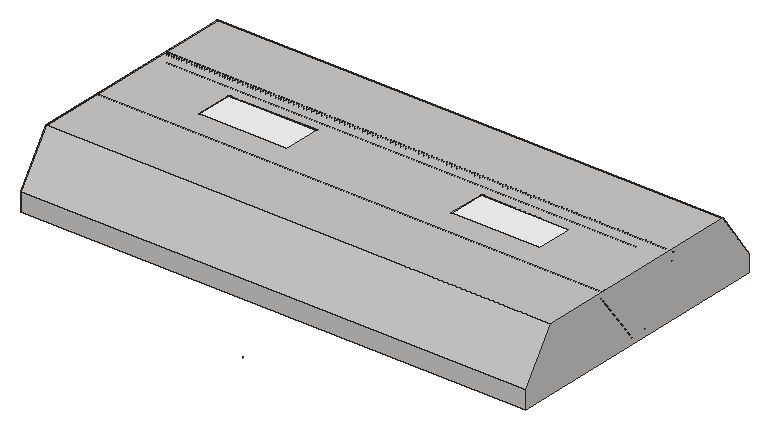
Revit family "QF_ELECTROLUXPROFESSIONAL_642374_BC2240DT", category Attrezzature speciali, Revit 2021
Family settings
  Quota connettore circolare = Usa diametro
  Tipo di parte = Normale
  Basato su piano di lavoro = No
  Sempre verticale = Sì
  Taglio con vuoti quando caricato = No
  Condiviso = No
  Punto di calcolo locali = No
Parameters (values of type "Standard")
  Weight = 120.00 kg
  Watts = 0 W
  Volts = 0 V
  URL Manufacturer = "https://www.electroluxprofessional.com/"
  URL = "https://www.electroluxprofessional.com/"
  Steam Supply Size = 0 mm
  Steam Supply Minimum Pressure = 0.0 Pa
  Steam Supply Maximum Pressure = 0.0 Pa
  Steam Consumption per Hour = 0
  Refrigeration Suction Line Size = 0 mm
  Refrigeration Liquid Line Size = 0 mm
  Refrigerant Compressor Remote = yes
  Prospetto di default = 0 mm
  Produttore = "Electrolux Professional"
  Phase = 0
  Modello = "BC2240DT"
  Length Actual = 4000 mm  # constant formula
  Item Number = "642374"
  Hot Water Size = 0 mm
  Height Actual = 500 mm  # constant formula
  HP = "0 HP"
  Gas Size = 0 mm
  Gas KW = 0
  Gas Input Pressure = 0 W
  Direct Waste Size = 0 mm
  Descrizione = "304 S/S ISLAND HOOD+FILTERS 4000X2200MM"
  Depth Actual = 2200 mm  # constant formula
  Cycle = 0 Hz
  Condensate Return Size = 0 mm
  Compressed Air Volume = 0.0 L/s
  Compressed Air Size = 0 mm
  Compressed Air Pressure = 0.0 Pa
  Cold Water Size = 0 mm
  Accessory = yes
Reference planes
  plane 1: z = 0
  plane 2 "Center (Left/Right)": x = 150
  plane 3 "LEFT": x = -1850
  plane 4 "RIGHT": x = 2150
  plane 5 "BACK": y = 550
  plane 6 "TOP": z = 2500
  plane 7 "Base": z = 2000
  plane 8: z = 1946
  plane 9: x = -1847
  plane 10 "DrainX": x = 1999
  plane 11 "AOLeft2": x = -500
  plane 12 "AORight1": x = 800
  plane 13: x = 2147
  plane 14: x = -1650
  plane 15: x = 1950
  plane 16: x = 50
  plane 17: x = 250
  plane 18 "AOLeft1": x = -1200
  plane 19 "AORight2": x = 1500
  plane 20: y = -400
  plane 21: y = -700
  plane 22 "Center (Front/Back)": y = -550
  plane 23: y = -1650
  plane 24: through (0, -601.379, 2046.209) normal (0, 0.8019, 0.5974)
  plane 25: through (0, -498.621, 2046.209) normal (0, 0.8019, -0.5974)
  plane 26: z = 2140
Forms (mm)
  Extrusion 1, solid, material "QF_Finishes_Stainless Steel"
    sketch origin (-1850, 0, 360) x (0, 1, 0) y (0, 0, 1)
      loop
        line (550, 1640) -> (550, 1780) -> (299.446, 2140) -> (-1399.446, 2140) -> (-1650, 1780) -> (-1650, 1640) -> (550, 1640)
    from 0 to 3
  Extrusion 2, solid, material "QF_Finishes_Stainless Steel"
    sketch origin (2150, 0, 360) x (0, 1, 0) y (0, 0, 1)
      loop
        line (550, 1640) -> (550, 1780) -> (299.446, 2140) -> (-1399.446, 2140) -> (-1650, 1780) -> (-1650, 1640) -> (550, 1640)
    from 0 to -3
  Extrusion 3, solid, material "QF_Finishes_Stainless Steel"
    sketch origin (150, 0, 360) x (0, 1, 0) y (0, 0, 1)
      loop
        line (-1399.446, 2140) -> (-1650, 1780) -> (-1650, 1640) -> (-1640, 1640) -> (-1640, 1640.8) -> (-1649.2, 1640.8) -> (-1649.2, 1779.739) -> (-1399.025, 2139.19) -> (299.025, 2139.19) -> (549.2, 1779.739) -> (549.2, 1640.8) -> (540, 1640.8) -> (540, 1640) -> (550, 1640) -> (550, 1780) -> (299.446, 2140) -> (-1399.446, 2140)
    from -2000 to 2000
  Extrusion 4, void
    sketch origin (0, 0, 2500) x (0, 1, 0) y (-1, 0, 0)
      loop
        line (-400, 500) -> (-400, 1200) -> (-700, 1200) -> (-700, 500) -> (-400, 500)
    from 0 to -10
  Extrusion 5, solid, material "QF_Finishes_Stainless Steel"
    sketch origin (0, 0, 0) x (1, 0, 0) y (0, 1, 0)
      loop
        line (-1850, 550) -> (-1850, 549) -> (-1849, 549) -> (-1849, 550) -> (-1850, 550)
    from 0 to 1
  Extrusion 6, solid, material "QF_Finishes_Stainless Steel"
    sketch origin (150, -400, 360) x (0, 1, 0) y (0, 0, 1)
      loop
        line (-498.883, 2085.553) -> (-201.379, 1686.209) -> (-185.34, 1698.157) -> (-482.844, 2097.501) -> (-498.883, 2085.553)
      loop
        line (198.883, 2085.553) -> (182.844, 2097.501) -> (-114.66, 1698.157) -> (-98.621, 1686.209) -> (198.883, 2085.553)
    from -1800 to -1997
  Extrusion 7, solid, material "QF_Finishes_Stainless Steel"
    sketch origin (150, -400, 360) x (0, 1, 0) y (0, 0, 1)
      loop
        arc (-83.944, 1704.554) -> (-84.545, 1704.706) -> (-85.077, 1704.389) r 0.81
        line (-85.077, 1704.389) -> (-99.535, 1684.991) -> (-116.611, 1687.002) -> (-113.609, 1712.615) -> (-114.407, 1712.708) -> (-117.406, 1687.095)
        arc (-117.406, 1687.095) -> (-117.237, 1686.499) -> (-116.695, 1686.197) r 0.81
        line (-116.695, 1686.197) -> (-99.628, 1684.196)
        arc (-99.628, 1684.196) -> (-99.213, 1684.257) -> (-98.884, 1684.517) r 0.81
        line (-98.884, 1684.517) -> (-84.436, 1703.911) -> (-73.692, 1695.919) -> (-99.855, 1660.79) -> (-200.145, 1660.79) -> (-226.308, 1695.919) -> (-215.564, 1703.911) -> (-201.116, 1684.517)
        arc (-201.116, 1684.517) -> (-200.787, 1684.257) -> (-200.372, 1684.196) r 0.81
        line (-200.372, 1684.196) -> (-183.305, 1686.197)
        arc (-183.305, 1686.197) -> (-182.763, 1686.499) -> (-182.594, 1687.095) r 0.81
        line (-182.594, 1687.095) -> (-185.593, 1712.708) -> (-186.391, 1712.615) -> (-183.389, 1687.002) -> (-200.465, 1684.991) -> (-214.923, 1704.389)
        arc (-214.923, 1704.389) -> (-215.455, 1704.706) -> (-216.056, 1704.554) r 0.81
        line (-216.056, 1704.554) -> (-226.786, 1696.561)
        arc (-226.786, 1696.561) -> (-227.103, 1696.028) -> (-226.951, 1695.427) r 0.81
        line (-226.951, 1695.427) -> (-200.843, 1660.381)
        arc (-200.843, 1660.381) -> (-200.5, 1660.093) -> (-200.063, 1659.99) r 0.972
        line (-200.063, 1659.99) -> (-99.951, 1659.99)
        arc (-99.951, 1659.99) -> (-99.502, 1660.096) -> (-99.149, 1660.393) r 1
        line (-99.149, 1660.393) -> (-73.049, 1695.427)
        arc (-73.049, 1695.427) -> (-72.897, 1696.028) -> (-73.214, 1696.561) r 0.81
        line (-73.214, 1696.561) -> (-83.944, 1704.554)
      loop
        line (-492.735, 2139.19) -> (-492.735, 2129.205) -> (-517.587, 2110.686)
        arc (-517.587, 2110.686) -> (-517.904, 2110.153) -> (-517.752, 2109.552) r 0.81
        line (-517.752, 2109.552) -> (-484.894, 2065.446) -> (-495.625, 2057.438) -> (-495.147, 2056.796) -> (-484.418, 2064.79)
        arc (-484.418, 2064.79) -> (-484.1, 2065.322) -> (-484.252, 2065.923) r 0.81
        line (-484.252, 2065.923) -> (-517.117, 2110.038) -> (-491.935, 2128.798) -> (-491.935, 2138.4) -> (-462.776, 2138.4) -> (-462.776, 2070.563) -> (-461.976, 2069.49) -> (-461.976, 2139.19) -> (-492.735, 2139.19)
      loop
        line (192.735, 2139.19) -> (161.976, 2139.19) -> (161.976, 2069.49) -> (162.776, 2070.563) -> (162.776, 2138.4) -> (191.935, 2138.4) -> (191.935, 2128.798) -> (217.117, 2110.038) -> (184.252, 2065.923)
        arc (184.252, 2065.923) -> (184.1, 2065.322) -> (184.418, 2064.79) r 0.81
        line (184.418, 2064.79) -> (195.147, 2056.796) -> (195.625, 2057.438) -> (184.894, 2065.446) -> (217.752, 2109.552)
        arc (217.752, 2109.552) -> (217.904, 2110.153) -> (217.587, 2110.686) r 0.81
        line (217.587, 2110.686) -> (192.735, 2129.205) -> (192.735, 2139.19)
    from -1997 to 1997
  Extrusion 8, solid, material "QF_Finishes_Stainless Steel"
    sketch origin (150, -400, 360) x (0, 1, 0) y (0, 0, 1)
      loop
        line (-498.883, 2085.553) -> (-201.379, 1686.209) -> (-185.34, 1698.157) -> (-482.844, 2097.501) -> (-498.883, 2085.553)
      loop
        line (198.883, 2085.553) -> (182.844, 2097.501) -> (-114.66, 1698.157) -> (-98.621, 1686.209) -> (198.883, 2085.553)
    from 1997 to 1800
  Extrusion 9, solid, material "QF_Finishes_Stainless Steel"
    sketch origin (150, -400, 360) x (0, 1, 0) y (0, 0, 1)
      loop
        line (-498.883, 2085.553) -> (-201.379, 1686.209) -> (-185.34, 1698.157) -> (-482.844, 2097.501) -> (-498.883, 2085.553)
      loop
        line (198.883, 2085.553) -> (182.844, 2097.501) -> (-114.66, 1698.157) -> (-98.621, 1686.209) -> (198.883, 2085.553)
    from -100 to 100
  Extrusion 10, solid, material "QF_Finished_Chrome"
    sketch origin (150, -400, 360) x (0, 1, 0) y (0, 0, 1)
      loop
        line (-498.883, 2085.553) -> (-201.379, 1686.209) -> (-185.34, 1698.157) -> (-482.844, 2097.501) -> (-498.883, 2085.553)
      loop
        line (198.883, 2085.553) -> (182.844, 2097.501) -> (-114.66, 1698.157) -> (-98.621, 1686.209) -> (198.883, 2085.553)
    from -1800 to -100
  Extrusion 11, solid, material "QF_Finished_Chrome"
    sketch origin (150, -400, 360) x (0, 1, 0) y (0, 0, 1)
      loop
        line (-498.883, 2085.553) -> (-201.379, 1686.209) -> (-185.34, 1698.157) -> (-482.844, 2097.501) -> (-498.883, 2085.553)
      loop
        line (198.883, 2085.553) -> (182.844, 2097.501) -> (-114.66, 1698.157) -> (-98.621, 1686.209) -> (198.883, 2085.553)
    from 100 to 1800
  Sweep 12, solid, material "QF_Finishes_Stainless Steel"
    path origin (0, 0, 0) x (1, 0, 0) y (0, 1, 0)
      loop
        line (2150, 550) -> (-1850, 550) -> (-1850, -1650) -> (2150, -1650) -> (2150, 550)
    profile origin (2150, -550, 0) x (1, 0, 0) y (0, 0, 1)
      loop
        line (-3, 2000) -> (-3, 2000.8) -> (-19, 2000.8) -> (-19, 2010) -> (-20, 2010) -> (-20, 2000) -> (-3, 2000)
  Extrusion 13, void
    sketch origin (0, 0, 2500) x (0, 1, 0) y (-1, 0, 0)
      loop
        line (-400, -1500) -> (-400, -800) -> (-700, -800) -> (-700, -1500) -> (-400, -1500)
    from 0 to -10
  Extrusion 14, solid, material "QF_Finishes_Stainless Steel"
    sketch origin (1999, 0, 0) x (0, 1, 0) y (0, 0, 1)
      loop
        arc (-518.5, 1946) -> (-511.429, 1948.929) -> (-508.5, 1956) r 10
        line (-508.5, 1956) -> (-508.5, 2000.8) -> (-591.5, 2000.8) -> (-591.5, 1956)
        arc (-591.5, 1956) -> (-588.571, 1948.929) -> (-581.5, 1946) r 10
        line (-581.5, 1946) -> (-518.5, 1946)
    from -90 to 90
  Extrusion 15, solid, material "QF_Finishes_Stainless Steel"
    sketch origin (0, -1100, 2000) x (0, 1, 0) y (-1, 0, 0)
      loop
        circle (550, -1999) r 6.35
    from -3.799 to 0
Cuts and joins
  Extrusion 4, Extrusion 13 cuts Extrusion 3
  joined: Extrusion 2, Extrusion 3, Sweep 12
Lines and regions (mm)
  symbolic lines, style "SpecialityEquipment", detail levels coarse
    curve 1: line (2150, 550, 2500) -> (-1850, 550, 2500)
    curve 2: line (-1850, 550, 2500) -> (-1850, -1650, 2500)
    curve 3: line (2150, -1650, 2500) -> (2150, 550, 2500)
    curve 4: line (-1850, 299.446, 0) -> (2150, -1399.446, 0)
    curve 5: line (2150, 299.446, 0) -> (-1850.605, -1399.446, 0)
  symbolic lines, detail levels coarse
    curve 6: line (-1200, -700, 0) -> (-500, -700, 0)
    curve 7: line (-1200, -400, 0) -> (-1200, -700, 0)
    curve 8: line (-500, -400, 0) -> (-1200, -400, 0)
    curve 9: line (-500, -700, 0) -> (-500, -400, 0)
    curve 10: line (800, -400, 0) -> (800, -700, 0)
    curve 11: line (1500, -400, 0) -> (800, -400, 0)
    curve 12: line (1500, -700, 0) -> (1500, -400, 0)
    curve 13: line (800, -700, 0) -> (1500, -700, 0)
    curve 14: line (-1850.605, -1399.446, 0) -> (2150, -1399.446, 0)
    curve 15: line (2150, 299.446, 0) -> (-1850, 299.446, 0)
    curve 16: line (-1850, -1650, 0) -> (2150, -1650, 0)
Dimensions and locks
  plane 3 "LEFT" to plane 4 "RIGHT" = 4000 mm
  equal spacing: plane 3 "LEFT", plane 2 "Center (Left/Right)", plane 4 "RIGHT"
  plane 3 "LEFT" to plane 9 = 3 mm
  plane 10 "DrainX" to plane 4 "RIGHT" = 151 mm
  plane 13 to plane 4 "RIGHT" = 3 mm
  plane 3 "LEFT" to plane 14 = 200 mm
  plane 15 to plane 4 "RIGHT" = 200 mm
  locked: plane 11 "AOLeft2" to plane 12 "AORight1" at 1300
  equal spacing: plane 11 "AOLeft2", plane 2 "Center (Left/Right)", plane 12 "AORight1"
  locked: plane 7 "Base" to level at 2000
  locked: plane 16 to plane 17 at 200
  equal spacing: plane 16, plane 2 "Center (Left/Right)", plane 17
  plane 18 "AOLeft1" to plane 11 "AOLeft2" = 700 mm
  plane 12 "AORight1" to plane 19 "AORight2" = 700 mm
  plane 7 "Base" to plane 8 = 54 mm
  locked: plane 6 "TOP" to plane 7 "Base" at 500
  plane 5 "BACK" to plane 23 = 2200 mm  (x2)
  equal spacing: plane 5 "BACK", plane 22 "Center (Front/Back)", plane 23
  plane 21 to plane 20 = 300 mm
  equal spacing: plane 21, plane 22 "Center (Front/Back)", plane 20
  plane 26 to plane 7 "Base" = 140 mm
  aligned and locked: level to plane 1
  aligned and locked: plane 4 "RIGHT" to Extrusion 3
  aligned and locked: Extrusion 3 to plane 3 "LEFT"
  aligned and locked: Extrusion 6 to plane 9
  aligned and locked: plane 14 to Extrusion 6
  aligned and locked: Extrusion 2 to plane 13
  aligned and locked: plane 13 to Extrusion 8
  aligned and locked: Extrusion 8 to plane 15
  aligned and locked: plane 17 to Extrusion 9
  aligned and locked: Extrusion 9 to plane 16
  aligned and locked: plane 16 to Extrusion 10
  aligned and locked: Extrusion 10 to plane 14
  aligned and locked: Extrusion 11 to plane 17
  aligned and locked: Extrusion 11 to plane 15
  aligned and locked: Extrusion 7 to plane 9
  aligned and locked: plane 13 to Extrusion 7
  aligned and locked: Extrusion 4 to plane 18 "AOLeft1"
  aligned and locked: Extrusion 4 to plane 11 "AOLeft2"
  aligned and locked: plane 12 "AORight1" to Extrusion 13
  aligned and locked: plane 19 "AORight2" to Extrusion 13
  aligned and locked: plane 21 to Extrusion 13
  aligned and locked: plane 21 to Extrusion 4
  aligned and locked: plane 20 to Extrusion 13
  aligned and locked: plane 20 to Extrusion 4
  aligned and locked: curve 6 to Extrusion 4
  aligned and locked: curve 7 to Extrusion 4
  aligned and locked: curve 8 to Extrusion 4
  aligned and locked: curve 9 to Extrusion 4
  aligned and locked: curve 10 to Extrusion 13
  aligned and locked: curve 11 to Extrusion 13
  aligned and locked: curve 12 to Extrusion 13
  aligned and locked: curve 13 to Extrusion 13
Automatic sketch dimensions
  Extrusion 4 sketch curve to plane 11 "AOLeft2" = 0 mm
  Extrusion 4 sketch curve to plane 18 "AOLeft1" = 0 mm
  Extrusion 5 sketch curve to plane 3 "LEFT" = 0 mm
  Extrusion 5 sketch curve to plane 5 "BACK" = 0 mm
  plane 3 "LEFT" to Extrusion 5 sketch curve = 1 mm
  Extrusion 5 sketch curve to Extrusion 5 sketch curve = 1 mm
  Sweep 12 sketch curve to plane 3 "LEFT" = 0 mm
  Sweep 12 sketch curve to plane 4 "RIGHT" = 0 mm
  Sweep 12 sketch curve to plane 5 "BACK" = 0 mm
  profile plane to Sweep 12 sketch curve = 20 mm
  Sweep 12 sketch curve to Sweep 12 sketch curve = 1 mm
  profile plane to Sweep 12 sketch curve = 3 mm
  level to Sweep 12 sketch curve = 2000 mm
  Sweep 12 sketch curve to Sweep 12 sketch curve = 0.8 mm
  Sweep 12 sketch curve to Sweep 12 sketch curve = 9.2 mm
  Extrusion 13 sketch curve to plane 11 "AOLeft2" = 2000 mm
  plane 18 "AOLeft1" to Extrusion 13 sketch curve = 2000 mm
  Extrusion 13 sketch curve to Extrusion 13 sketch curve = 300 mm
  Extrusion 13 sketch curve to plane 20 = 0 mm
  plane 21 to Extrusion 2 sketch curve = 699.446 mm
  plane 21 to Sweep 12 sketch curve = 950 mm
  plane 21 to Extrusion 4 sketch curve = 0 mm
  Extrusion 4 sketch curve to plane 20 = 0 mm
  Extrusion 15 sketch curve to plane 10 "DrainX" = 0 mm
  Extrusion 15 sketch curve to plane 22 "Center (Front/Back)" = 0 mm
  Extrusion 14 sketch curve to plane 8 = 0 mm
  plane 8 to Extrusion 14 sketch curve = 10 mm
  Extrusion 14 sketch curve to plane 22 "Center (Front/Back)" = 41.5 mm
  plane 22 "Center (Front/Back)" to Extrusion 14 sketch curve = 31.5 mm
  plane 7 "Base" to Extrusion 14 sketch curve = 0.8 mm
  plane 22 "Center (Front/Back)" to Extrusion 14 sketch curve = 41.5 mm
  plane 21 to Extrusion 6 sketch curve = 198.883 mm
  Extrusion 6 sketch curve to plane 6 "TOP" = 42.499 mm  (x2)
  Extrusion 6 sketch curve to Extrusion 6 sketch curve = 16.039 mm  (x2)
  Extrusion 6 sketch curve to plane 22 "Center (Front/Back)" = 51.379 mm
  plane 22 "Center (Front/Back)" to Extrusion 6 sketch curve = 35.34 mm
  plane 20 to Extrusion 6 sketch curve = 182.844 mm
  Extrusion 6 sketch curve to Extrusion 6 sketch curve = 11.948 mm  (x2)
  Extrusion 7 sketch curve to plane 6 "TOP" = 30.448 mm  (x2)
  plane 21 to Extrusion 7 sketch curve = 217.752 mm
  Extrusion 7 sketch curve to plane 6 "TOP" = 29.314 mm  (x2)
  Extrusion 7 sketch curve to Extrusion 7 sketch curve = 0.166 mm  (x3)
  Extrusion 7 sketch curve to plane 6 "TOP" = 29.962 mm  (x2)
  Extrusion 7 sketch curve to Extrusion 7 sketch curve = 0.47 mm  (x2)
  Extrusion 7 sketch curve to Extrusion 7 sketch curve = 0.014 mm  (x2)
  Extrusion 7 sketch curve to plane 6 "TOP" = 82.562 mm  (x2)
  Extrusion 7 sketch curve to Extrusion 7 sketch curve = 22.127 mm
  Extrusion 7 sketch curve to plane 6 "TOP" = 83.204 mm  (x2)
  Extrusion 7 sketch curve to Extrusion 7 sketch curve = 0.478 mm  (x5)
  Extrusion 7 sketch curve to plane 6 "TOP" = 0.81 mm  (x2)
  Extrusion 7 sketch curve to Extrusion 7 sketch curve = 24.852 mm
  Extrusion 7 sketch curve to Extrusion 7 sketch curve = 0.8 mm  (x5)
  Extrusion 7 sketch curve to Extrusion 7 sketch curve = 10.724 mm
  Extrusion 7 sketch curve to plane 6 "TOP" = 74.554 mm  (x2)
  Extrusion 7 sketch curve to Extrusion 7 sketch curve = 0.008 mm  (x6)
  Extrusion 7 sketch curve to plane 6 "TOP" = 75.21 mm  (x2)
  Extrusion 7 sketch curve to plane 6 "TOP" = 74.077 mm  (x2)
  Extrusion 7 sketch curve to Extrusion 7 sketch curve = 0.642 mm  (x2)
  Extrusion 7 sketch curve to plane 6 "TOP" = 69.437 mm  (x2)
  Extrusion 7 sketch curve to Extrusion 7 sketch curve = 21.476 mm  (x2)
  Extrusion 7 sketch curve to plane 21 = 73.049 mm
  Extrusion 7 sketch curve to Extrusion 7 sketch curve = 0.006 mm  (x4)
  Extrusion 7 sketch curve to Extrusion 7 sketch curve = 10.73 mm  (x3)
  Extrusion 7 sketch curve to Extrusion 7 sketch curve = 0.484 mm  (x4)
  Extrusion 7 sketch curve to Extrusion 7 sketch curve = 0.641 mm  (x2)
  Extrusion 7 sketch curve to Extrusion 7 sketch curve = 14.448 mm
  plane 7 "Base" to Extrusion 7 sketch curve = 20.381 mm
  Extrusion 7 sketch curve to Extrusion 7 sketch curve = 0.273 mm
  Extrusion 7 sketch curve to Extrusion 7 sketch curve = 0.65 mm  (x2)
  Extrusion 7 sketch curve to Extrusion 7 sketch curve = 0.001 mm  (x4)
  Extrusion 7 sketch curve to Extrusion 7 sketch curve = 0.093 mm  (x2)
  plane 7 "Base" to Extrusion 7 sketch curve = 20.79 mm
  Extrusion 7 sketch curve to Extrusion 7 sketch curve = 0.698 mm
  Extrusion 7 sketch curve to Extrusion 7 sketch curve = 0.081 mm
  Extrusion 7 sketch curve to Extrusion 7 sketch curve = 28.531 mm
  Extrusion 7 sketch curve to Extrusion 7 sketch curve = 0.799 mm  (x2)
  Extrusion 7 sketch curve to Extrusion 7 sketch curve = 17.067 mm  (x2)
  Extrusion 7 sketch curve to Extrusion 7 sketch curve = 0.01 mm  (x4)
  Extrusion 7 sketch curve to Extrusion 7 sketch curve = 0.094 mm
  Extrusion 7 sketch curve to Extrusion 7 sketch curve = 0.795 mm  (x2)
  plane 22 "Center (Front/Back)" to Extrusion 7 sketch curve = 32.594 mm
  Extrusion 7 sketch curve to Extrusion 7 sketch curve = 0.71 mm
  Extrusion 7 sketch curve to Extrusion 7 sketch curve = 2.998 mm
  Extrusion 7 sketch curve to Extrusion 7 sketch curve = 16.745 mm
  Extrusion 7 sketch curve to Extrusion 7 sketch curve = 0.095 mm
  plane 7 "Base" to Extrusion 7 sketch curve = 20.393 mm
  Extrusion 7 sketch curve to Extrusion 7 sketch curve = 0.707 mm
  Extrusion 7 sketch curve to Extrusion 7 sketch curve = 0.651 mm
  Extrusion 7 sketch curve to Extrusion 7 sketch curve = 14.456 mm
  Extrusion 7 sketch curve to plane 6 "TOP" = 70.51 mm  (x2)
  plane 20 to Extrusion 7 sketch curve = 161.976 mm
  Extrusion 7 sketch curve to plane 6 "TOP" = 1.6 mm
  Extrusion 7 sketch curve to Extrusion 7 sketch curve = 29.159 mm
  Extrusion 7 sketch curve to Extrusion 7 sketch curve = 24.368 mm
  Extrusion 7 sketch curve to Extrusion 7 sketch curve = 0.636 mm
  Extrusion 7 sketch curve to Extrusion 7 sketch curve = 23.206 mm
  Extrusion 7 sketch curve to Extrusion 7 sketch curve = 23.234 mm
  Extrusion 7 sketch curve to Extrusion 7 sketch curve = 0.321 mm  (x2)
  Extrusion 7 sketch curve to Extrusion 7 sketch curve = 2.001 mm  (x2)
  Extrusion 7 sketch curve to Extrusion 7 sketch curve = 0.804 mm  (x2)
  Extrusion 7 sketch curve to Extrusion 7 sketch curve = 10.911 mm  (x2)
  Extrusion 7 sketch curve to Extrusion 7 sketch curve = 7.993 mm  (x2)
  Extrusion 7 sketch curve to Extrusion 7 sketch curve = 25.613 mm  (x2)
  Extrusion 7 sketch curve to Extrusion 7 sketch curve = 0.407 mm  (x2)
  Extrusion 7 sketch curve to Extrusion 7 sketch curve = 0.79 mm
  Extrusion 3 sketch curve to plane 7 "Base" = 0 mm  (x2)
  Extrusion 3 sketch curve to plane 23 = 0 mm
  Extrusion 3 sketch curve to plane 5 "BACK" = 0 mm
  plane 23 to Extrusion 3 sketch curve = 0.8 mm
  plane 7 "Base" to Extrusion 3 sketch curve = 0.8 mm  (x2)
  Extrusion 3 sketch curve to Extrusion 3 sketch curve = 9.2 mm
  plane 23 to Extrusion 3 sketch curve = 250.554 mm
  Extrusion 3 sketch curve to Extrusion 3 sketch curve = 0.421 mm  (x2)
  Extrusion 3 sketch curve to plane 6 "TOP" = 0.81 mm
  Extrusion 3 sketch curve to plane 5 "BACK" = 250.975 mm
  Extrusion 3 sketch curve to plane 5 "BACK" = 10 mm
  Extrusion 3 sketch curve to plane 5 "BACK" = 0.8 mm
  Extrusion 3 sketch curve to Extrusion 3 sketch curve = 138.939 mm  (x2)
  Extrusion 3 sketch curve to Extrusion 3 sketch curve = 0.261 mm  (x2)
  Extrusion 3 sketch curve to plane 6 "TOP" = 0 mm
  Extrusion 1 sketch curve to plane 7 "Base" = 0 mm
  Extrusion 1 sketch curve to plane 23 = 0 mm
  Extrusion 1 sketch curve to plane 6 "TOP" = 0 mm
  Extrusion 1 sketch curve to plane 5 "BACK" = 0 mm
  Extrusion 1 sketch curve to plane 5 "BACK" = 250.554 mm
  plane 7 "Base" to Extrusion 1 sketch curve = 140 mm
  Extrusion 1 sketch curve to Extrusion 1 sketch curve = 140 mm
  plane 23 to Extrusion 1 sketch curve = 250.554 mm
  Extrusion 2 sketch curve to plane 5 "BACK" = 250.554 mm
  plane 7 "Base" to Extrusion 2 sketch curve = 140 mm  (x2)
  Extrusion 2 sketch curve to plane 7 "Base" = 0 mm
  plane 23 to Extrusion 2 sketch curve = 0 mm
  Extrusion 2 sketch curve to plane 6 "TOP" = 0 mm
  Extrusion 2 sketch curve to plane 5 "BACK" = 0 mm
  plane 21 to Extrusion 10 sketch curve = 198.883 mm
  Extrusion 10 sketch curve to plane 6 "TOP" = 42.499 mm  (x2)
  Extrusion 10 sketch curve to Extrusion 10 sketch curve = 16.039 mm  (x2)
  Extrusion 10 sketch curve to plane 22 "Center (Front/Back)" = 51.379 mm
  plane 22 "Center (Front/Back)" to Extrusion 10 sketch curve = 35.34 mm
  plane 20 to Extrusion 10 sketch curve = 182.844 mm
  Extrusion 10 sketch curve to Extrusion 10 sketch curve = 11.948 mm  (x2)
  plane 21 to Extrusion 9 sketch curve = 198.883 mm
  Extrusion 9 sketch curve to plane 6 "TOP" = 42.499 mm  (x2)
  Extrusion 9 sketch curve to Extrusion 9 sketch curve = 16.039 mm  (x2)
  Extrusion 9 sketch curve to plane 22 "Center (Front/Back)" = 51.379 mm
  plane 22 "Center (Front/Back)" to Extrusion 9 sketch curve = 35.34 mm
  plane 20 to Extrusion 9 sketch curve = 182.844 mm
  Extrusion 9 sketch curve to Extrusion 9 sketch curve = 11.948 mm  (x2)
  plane 21 to Extrusion 11 sketch curve = 198.883 mm
  Extrusion 11 sketch curve to plane 6 "TOP" = 42.499 mm  (x2)
  Extrusion 11 sketch curve to Extrusion 11 sketch curve = 16.039 mm  (x2)
  Extrusion 11 sketch curve to plane 22 "Center (Front/Back)" = 51.379 mm
  plane 22 "Center (Front/Back)" to Extrusion 11 sketch curve = 35.34 mm
  plane 20 to Extrusion 11 sketch curve = 182.844 mm
  Extrusion 11 sketch curve to Extrusion 11 sketch curve = 11.948 mm  (x2)
  plane 21 to Extrusion 8 sketch curve = 198.883 mm
  Extrusion 8 sketch curve to plane 6 "TOP" = 42.499 mm  (x2)
  Extrusion 8 sketch curve to Extrusion 8 sketch curve = 16.039 mm  (x2)
  Extrusion 8 sketch curve to plane 22 "Center (Front/Back)" = 51.379 mm
  plane 22 "Center (Front/Back)" to Extrusion 8 sketch curve = 35.34 mm
  plane 20 to Extrusion 8 sketch curve = 182.844 mm
  Extrusion 8 sketch curve to Extrusion 8 sketch curve = 11.948 mm  (x2)
  curve 2 to plane 3 "LEFT" = 0 mm
  curve 2 to plane 23 = 0 mm
  curve 3 to plane 4 "RIGHT" = 0 mm
  curve 3 to plane 23 = 0 mm
  curve 2 to plane 5 "BACK" = 0 mm
  curve 15 to plane 3 "LEFT" = 0 mm
  curve 16 to plane 3 "LEFT" = 0 mm
  curve 14 to plane 4 "RIGHT" = 0 mm
  curve 15 to plane 4 "RIGHT" = 0 mm
  curve 16 to plane 4 "RIGHT" = 0 mm
  curve 16 to plane 23 = 0 mm
  curve 14 to plane 3 "LEFT" = 0.605 mm
  plane 23 to curve 4 = 250.554 mm
  curve 15 to plane 5 "BACK" = 250.554 mm
  radius of Extrusion 15 sketch curve = 6.35 mm
Connectors
  hvac at (-850, -550, 2500)
    settings: on Extrusion 4, index 2, duct flow 0.0 L/s, flow factor 0, pres drop 0.0 Pa, loss coef 0, conn angle 0.00°, conn width 300 mm, conn height 700 mm, conn diameter 609.6 mm, duct sys type 3, conn prof type 1, flow config 1, flow direction 2, loss method 0, conn ref index -1, conn util no, is conn primary yes, conn desc "EXHAUST OUTLET"
  hvac at (1150, -550, 2500)
    settings: on Extrusion 13, index 3, duct flow 0.0 L/s, flow factor 0, pres drop 0.0 Pa, loss coef 0, conn angle 0.00°, conn width 300 mm, conn height 700 mm, conn diameter 609.6 mm, duct sys type 3, conn prof type 1, flow config 1, flow direction 2, loss method 0, conn ref index -1, conn util no, is conn primary no, conn desc "EXHAUST OUTLET"
  piping at (1999, -550, 1996.201), diameter 12.7
    settings: on Extrusion 15, index 4, connector inside diameter 609.6 mm, connector length 0 mm, flow factor 0, pipe flow 0.0 L/s, pressure drop 0.0 Pa, fitting loss kfactor 0, connector angle 0.00°, fixture units 0, engagement length 0 mm, angle of deflection 0.00°, flow configuration 1, flow direction 2, fitting loss method 0, system type 16, joint type 0, gender type 0, connector reference index -1, connector utility 0, adjustable connector no, is connector primary yes, connector description "Drain"
